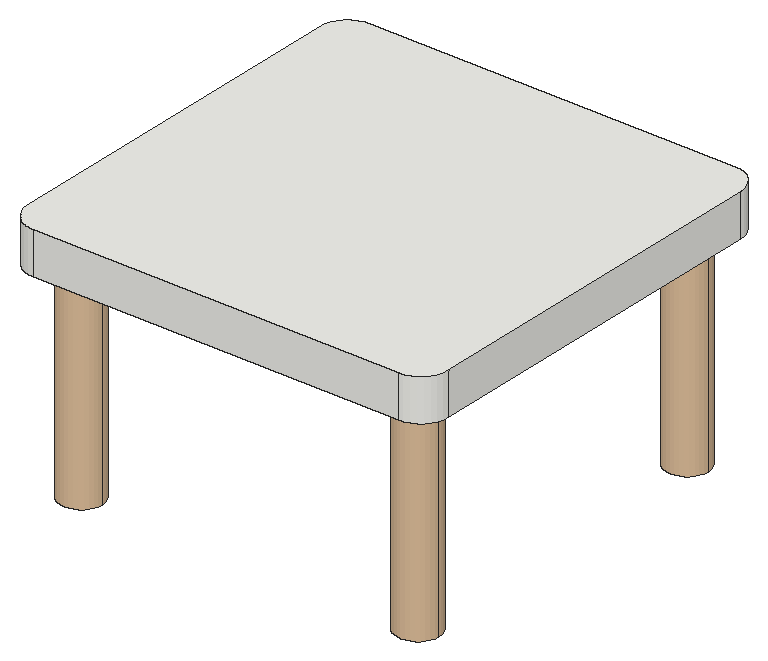
Revit family "rac_basic_sample_family", category Furniture, Revit 2019
Family settings
  OmniClass Number = 23.40.20.14.17
  OmniClass Title = Residential Tables and Cabinets
  Work Plane-Based = No
  Always vertical = Yes
  Cut with Voids When Loaded = No
  Shared = Yes
  Room Calculation Point = No
Parameters (values of type "0762 x 0762mm")
  Base Material = Wood - Birch
  Height = 457.00 mm
  Length = 762.00 mm
  Top Material = Laminate - Ivory, Matte
  Width = 762.00 mm
Types (4, lengths in mm): name | Height | Length | Width
  (no name) | 457.00 | 762.00 | 762.00
  0610 x 0160mm | 762.00 | 610.00 | 610.00
  0762 x 0762mm | 457.00 | 762.00 | 762.00
  0610 x 0915mm | 762.00 | 610.00 | 915.00
Reference planes
  plane 1: y = 152.4
  plane 2: z = 0
  plane 3 "Left": x = 3.734
  plane 4 "Right": x = 765.734
  plane 5 "Back": y = 533.4
  plane 6 "Front": y = -228.6
  plane 7: x = 384.734
Forms (mm)
  Extrusion 1, solid, material "Laminate - Ivory, Matte" <- "Top Material"
    sketch origin (0, 0, 0) x (1, 0, 0) y (0, 1, 0)
      loop
        line (54.534, -228.6) -> (714.934, -228.6)
        arc (714.934, -228.6) -> (750.855, -213.721) -> (765.734, -177.8) r 50.8
        line (765.734, -177.8) -> (765.734, 482.6)
        arc (765.734, 482.6) -> (750.855, 518.521) -> (714.934, 533.4) r 50.8
        line (714.934, 533.4) -> (54.534, 533.4)
        arc (54.534, 533.4) -> (18.613, 518.521) -> (3.734, 482.6) r 50.8
        line (3.734, 482.6) -> (3.734, -177.8)
        arc (3.734, -177.8) -> (18.613, -213.721) -> (54.534, -228.6) r 50.8
    from 380.8 to 457
  Extrusion 2, solid, material "Wood - Birch" <- "Base Material"
    sketch origin (0, 0, 0) x (1, 0, 0) y (0, 1, 0)
      loop
        circle (79.934, 457.2) r 38.1
      loop
        circle (79.934, -152.4) r 38.1
      loop
        circle (689.534, -152.4) r 38.1
      loop
        circle (689.534, 457.2) r 38.1
    from 0 to 380.8
Lines and regions (mm)
  Masking region 1
    outline origin (0, 0, 0) x (1, 0, 0) y (0, 1, 0)
      loop
        arc (54.534, 533.4) -> (18.613, 518.521) -> (3.734, 482.6) r 50.8
        line (3.734, 482.6) -> (3.734, -177.8)
        arc (3.734, -177.8) -> (18.613, -213.721) -> (54.534, -228.6) r 50.8
        line (54.534, -228.6) -> (714.934, -228.6)
        arc (714.934, -228.6) -> (750.855, -213.721) -> (765.734, -177.8) r 50.8
        line (765.734, -177.8) -> (765.734, 482.6)
        arc (765.734, 482.6) -> (750.855, 518.521) -> (714.934, 533.4) r 50.8
        line (714.934, 533.4) -> (54.534, 533.4)
Dimensions and locks
  locked: Extrusion 1 to Extrusion 1 at 76.2
  "Height": Extrusion 1 to plane 2
  locked: Extrusion 1 to Extrusion 2 sketch curve at 76.2  (x8)
  "Width": plane 5 "Back" to plane 6 "Front"
  "Length": plane 3 "Left" to plane 4 "Right"
  equal spacing: plane 5 "Back", plane 1, plane 6 "Front"
  equal spacing: plane 3 "Left", plane 7, plane 4 "Right"
  radius of Extrusion 1 sketch curve = 50.80 mm  (x4)
  aligned and locked: plane 2 to level
  aligned and locked: plane 6 "Front" to Extrusion 1 sketch curve
  aligned and locked: Extrusion 2 to Extrusion 1
  aligned and locked: Masking region 1 sketch curve to plane 5 "Back"
  aligned and locked: plane 3 "Left" to Masking region 1 sketch curve
  aligned and locked: plane 4 "Right" to Masking region 1 sketch curve
  aligned and locked: Masking region 1 sketch curve to plane 6 "Front"
  aligned: Masking region 1 sketch curve to Extrusion 1
Automatic sketch dimensions
  Extrusion 2 sketch curve to Extrusion 2 sketch curve = 38.10 mm  (x4)
  Extrusion 1 sketch curve to plane 3 "Left" = 0.00 mm
  Extrusion 1 sketch curve to plane 4 "Right" = 0.00 mm
  Extrusion 1 sketch curve to plane 5 "Back" = 0.00 mm
  plane 3 "Left" to Masking region 1 sketch curve = 50.80 mm  (x2)
  plane 4 "Right" to Masking region 1 sketch curve = 50.80 mm  (x2)
